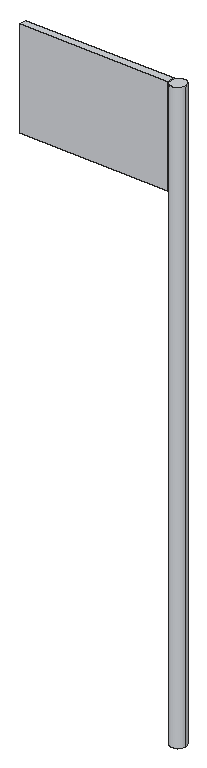
Revit family "80ftFlag", category Furniture, Revit 2014
Reference planes (in)
  plane 1 "Center Front/Back": y = 0
  plane 2: z = 0
  plane 3 "Center Left/Right": x = 0
Forms (in)
  Extrusion 1, solid
    sketch origin (0, 0, 0) x (1, 0, 0) y (0, 1, 0)
      loop
        circle (0, 0) r 12
    from 0 to 960
  Extrusion 2, solid
    sketch origin (-0.26214, -5.51078, 948) x (1, 0, 0) y (0, 1, 0)
      loop
        line (-12, 0) -> (-12, 12) -> (-252, 12) -> (-252, 0) -> (-12, 0)
    from -145.8696 to 12
Dimensions and locks (in)
  aligned and locked: level to plane 2
